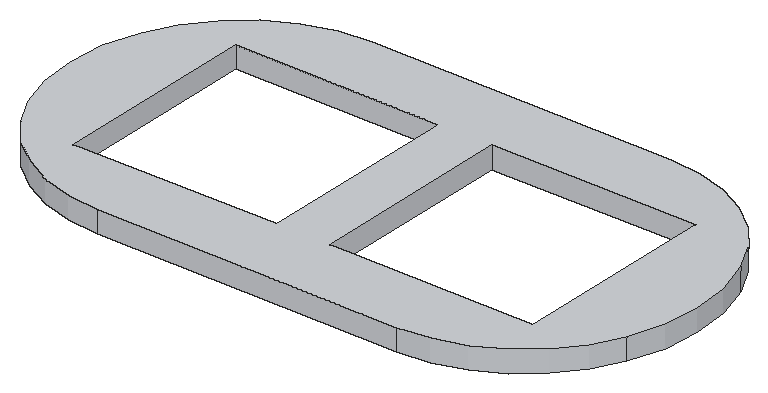
Revit family "Gira_0212130", category Electrical Fixtures, host Face, Revit 2017
Family settings
  Host = Face
  Maintain Annotation Orientation = No
  Round Connector Dimension = Use Diameter
  Part Type = Normal
  Cut with Voids When Loaded = No
  Shared = No
  Room Calculation Point = No
Parameters (values of type "Abdeckrahmen 2f Gira Studio G Weiß")
  Werkstoffgüte = "Echtglas"
  Werkstoff = "Glas"
  URL = "http://katalog.gira.de/de_DE/datenblatt.html?artikelnr=0212130"
  Transparent = "Yes"
  Textfeld/Beschriftungsfläche = "No"
  Schutzart (IP) = "IP20"
  Region = "DE"
  Oberfläche = "sonstige"
  Name = "Abdeckrahmen 2f Gira Studio G Weiß"
  Montagerichtung = "horizontal und vertikal"
  Mit Montagerahmen = "No"
  Mit Klappdeckel = "No"
  Manufacturer URL = "https://www.gira.de/"
  Keynote = "Studio_Rahmen_Abdeckplatte_2fach"
  HeinzeBIM = "https://bimportal.heinze.de/bim/abdeckrahmen-2f-gira-studio-g-weiss/c30511b83035c691e30fb3a268af2a2ce0a0ba24"
  Halogenfrei = "No"
  HAN = "0212130"
  Geeignet für Unterputz-Installation = "Yes"
  Geeignet für Unterflurkanaldose = "No"
  Geeignet für Geräteeinbaukanal = "No"
  Geeignet für Einbauinstallation = "No"
  GTIN = "4010337045618"
  Farbe = "weiß"
  Default Elevation = 1219.2 mm
  Data sheet (1) = "https://katalog.gira.de/de_DE/download.html?artikelnr=0212130"
  Category = "Abdeckrahmen"
  Befestigungsart = "Klemmbefestigung"
  BIM (1) = "https://media.live.bim.site/public/gira/9fde4c0/Studio_Rahmen_Abdeckplatte_2fach.rfa"
  Available = "Yes"
  Ausführung der Oberfläche = "glänzend"
  Anzahl der Einheiten vertikal = "2 "
  Anzahl der Einheiten horizontal = "2 "
  Anzahl der Einheiten = "2 "
Reference planes
  plane 1 "Center (Front/Back)": y = 0
  plane 2: z = 0
  plane 3 "Center (Left/Right)": x = 0
Forms (mm)
  Extrusion 1, solid, detail levels fine
    sketch origin (0, 0, 0) x (0, -1, 0) y (1, 0, 0)
      loop
        arc (-47.5, -41.55) -> (-39.942, -66.512) -> (-19.808, -83.088) r 45
        arc (-19.808, -83.088) -> (0, -87.05) -> (19.808, -83.088) r 51.5
        arc (19.808, -83.088) -> (39.942, -66.512) -> (47.5, -41.55) r 45
        line (47.5, -41.55) -> (47.5, 41.55)
        arc (47.5, 41.55) -> (39.942, 66.512) -> (19.808, 83.088) r 45
        arc (19.808, 83.088) -> (0, 87.05) -> (-19.808, 83.088) r 51.5
        arc (-19.808, 83.088) -> (-39.942, 66.512) -> (-47.5, 41.55) r 45
        line (-47.5, 41.55) -> (-47.5, -41.55)
      loop
        line (-28.2, -63.75) -> (28.2, -63.75) -> (28.2, -7.35) -> (-28.2, -7.35) -> (-28.2, -63.75)
      loop
        line (28.2, 63.75) -> (-28.2, 63.75) -> (-28.2, 7.35) -> (28.2, 7.35) -> (28.2, 63.75)
    from 0 to 6
  Extrusion 2, solid, detail levels medium
    sketch origin (0, 0, 0) x (0, -1, 0) y (1, 0, 0)
      loop
        arc (-47.5, -41.55) -> (-39.942, -66.512) -> (-19.808, -83.088) r 45
        arc (-19.808, -83.088) -> (0, -87.05) -> (19.808, -83.088) r 51.5
        arc (19.808, -83.088) -> (39.942, -66.512) -> (47.5, -41.55) r 45
        line (47.5, -41.55) -> (47.5, 41.55)
        arc (47.5, 41.55) -> (39.942, 66.512) -> (19.808, 83.088) r 45
        arc (19.808, 83.088) -> (0, 87.05) -> (-19.808, 83.088) r 51.5
        arc (-19.808, 83.088) -> (-39.942, 66.512) -> (-47.5, 41.55) r 45
        line (-47.5, 41.55) -> (-47.5, -41.55)
    from 0 to 6
  Extrusion 3, solid, detail levels coarse
    sketch origin (0, 0, 0) x (0, -1, 0) y (1, 0, 0)
      loop
        line (-47.5, 87.05) -> (-47.5, -87.05) -> (47.5, -87.05) -> (47.5, 87.05) -> (-47.5, 87.05)
    from 0 to 6
Dimensions and locks
  aligned and locked: plane 2 to host face
  aligned and locked: level to host face
